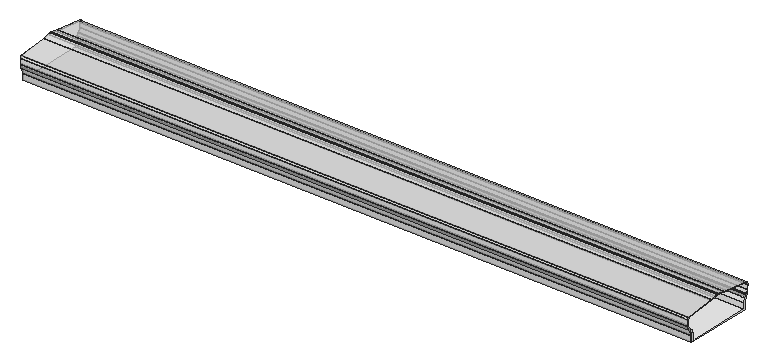
Revit family "0042940_surface_mounted", category Lighting Fixtures, host Face, Revit 2018
Family settings
  Host = Face
  Round Connector Dimension = Use Diameter
  Part Type = Normal
  OmniClass Number = 23.80.70.11.17
  OmniClass Title = Specialized Lighting by Location or Use
  Cut with Voids When Loaded = No
  Light Source = Yes
  Shared = No
  Room Calculation Point = No
Parameters (values of type "DELTAWING LED72 DALI MW 4K 1200")
  Width = 160.0 mm
  Weight = 3.50 kg
  Wattage = 70.5677 W
  built-in parameter 1150110 = 1 (stored number, unit not read)
  Voltage Comments = "UNV (Universal Voltage; 220-240 Volt)"  # constant formula
  Voltage = 230 V  # constant formula
  URL = "http://www.sylvania-lighting.com"
  built-in parameter 1114217 = 1 (stored number, unit not read)
  Tilt Angle = -90.00°
  built-in parameter 1150109 = 1 (stored number, unit not read)
  built-in parameter 1150134 = 12
  Ta Rating = "-10°C  to +25°C"  # constant formula
  built-in parameter 1150113 = 1 (stored number, unit not read)
  Product Page URL = "http://www.sylvania-lighting.com/product/en-int/products/0044899"
  Product Family = "DELTAWING LED - ELECTRONIC"  # constant formula
  Photometry Comments = ""
  Photometric Web File = "0044899_DELTAWINGLED72DALIMW4K1200-198242.ies"
  Life = "50 000h"  # constant formula
  Length = 1440.0 mm
  LOR = "100%"
  Inrush Current (max. quantity per 16A C breaker) = "20"  # constant formula
  IP Rating = "IP44"  # constant formula
  IK Rating = "IK08"  # constant formula
  Height = 60.0 mm
  Glow Wire Test = 850 °C  # constant formula
  Glare Control = "UGR<23"  # constant formula
  Emit from Line Length = Length - 2.0 mm * 29  # 1382.0 mm
  Electrical Protection = "Class I"  # constant formula
  Drive Current = "250mA"  # constant formula
  built-in parameter 1114216 [instance] = 1 (stored number, unit not read)
  Cap Material = Plastic_Sylvania_DeltaWing_White
  Model = "DELTAWING LED72 DALI MW 4K 1200"
  Manufacturer = "Feilo Sylvania"
  built-in parameter 1150105 = 2317.4 (stored number, unit not read)
  Lumens = 7260 lm
  built-in parameter 1150115 = 1 (stored number, unit not read)
  built-in parameter 1150137 = (empty or 0)
  built-in parameter 1150139 = (empty or 0)
  built-in parameter 1150112 = 1 (stored number, unit not read)
  built-in parameter 1150114 = 1 (stored number, unit not read)
  Lamp = "\tIntegrated LED"  # constant formula
  built-in parameter 1150132 = 2
  built-in parameter 1150102 = (empty or 0)
  built-in parameter 1150107 = 4000 (stored number, unit not read)
  built-in parameter 1150138 = (empty or 0)
  built-in parameter 1150106 = 23.174 (stored number, unit not read)
  CRI (Ra) = "> 80"  # constant formula
  Body Material = Steel_Sylvania_DeltaWing_White
  built-in parameter 1150104 = 9.5579 (stored number, unit not read)
  Dimming Lamp Color Temperature Shift = <None>
  Diffuser Material = Polycarbonate_Sylvania_DeltaWing_Opal_4000K
  Description = "Low profile surface and suspended LED diffuser luminaire DeltaWing LED is perfect to fulfil a wide range of applications, including educational environments, medical buildings, storage facilities and circulation areas including stairwells High performance: delivers up to 7,260lm (luminaire lumen output on 4,000K version), and up to 102lm/W (total system efficiency) Available in neutral white (4,000K) and warm white (3,000K) Smooth Polycarbonate extruded diffuser provides high efficiency, while minimising glare Precision prisms designed to optimise light output and reduce glare Options of non-dimmable, DALI, 3 hour maintained Emergency and Integrated Microwave sensor as standard Integrated Microwave sensor mounted discretely behind the diffuser helps further reduce energy and maintenance bills Suitable for suspended mounting using wire suspension kit (to be ordered seperately) BESA box connection possibility standard on product Long lifetime: 50,000 hours life at 70% of the original output L70 Energy class: A++, A+, A"  # constant formula
  Default Elevation = 0.0 mm
  Color Filter = 16777215
  Catalog Number = "0044899 DELTAWING LED72 DALI MW 4K 1200"
  built-in parameter 1140040 [instance] = 1
  built-in parameter 1114218 = 1 (stored number, unit not read)
  built-in parameter 1150133 = 10 (stored number, unit not read)
  Assembly Code = "D5020200"
  Apparent Load = 71 VA
Reference planes
  plane 1 "Center (Front/Back)": y = 0
  plane 2 "Fixture Top": z = 0
  plane 3 "Center (Left/Right)": x = 0
  plane 4 "Fixture Left": x = -720
  plane 5 "Fixture Right": x = 720
  plane 6 "Fixture Back": y = 80
  plane 7 "Fixture Front": y = -80
  plane 8 "Cap left": x = -691
  plane 9 "Cap Right": x = 691
  plane 10 "Lamp Plane": z = 22
  plane 11 "Fixture Bottom": z = 60
  plane 12: y = 20
  plane 13: y = -20
Forms (mm)
  Extrusion 1, solid, material "Steel_Sylvania_DeltaWing_White" <- "Body Material", detail levels fine
    sketch origin (0, 0, 0) x (0, 1, 0) y (0, 0, 1)
      loop
        line (-68.5, 0) -> (68.5, 0) -> (68.5, 13.239) -> (70.848, 22) -> (68.777, 22) -> (66.5, 13.502) -> (66.5, 2) -> (-66.5, 2) -> (-66.5, 13.502) -> (-68.777, 22) -> (-70.848, 22) -> (-68.5, 13.239) -> (-68.5, 0)
    from -691 to 691
  Extrusion 2, solid, material "Polycarbonate_Sylvania_DeltaWing_Opal_4000K" <- "Diffuser Material", detail levels fine
    sketch origin (0, 0, 0) x (0, 1, 0) y (0, 0, 1)
      loop
        line (76, 33.502) -> (74.018, 26.104) -> (72.041, 26.455) -> (68.5, 13.239) -> (68.5, 0) -> (70.5, 0) -> (70.5, 12.975) -> (73.498, 24.165) -> (75.475, 23.815) -> (78, 33.238) -> (78, 44.42)
        arc (78, 44.42) -> (77.319, 46.653) -> (75.506, 48.125) r 4
        line (75.506, 48.125) -> (16.971, 55.055)
        arc (16.971, 55.055) -> (9.581, 57.257) -> (1.906, 58) r 40
        line (1.906, 58) -> (-1.906, 58)
        arc (-1.906, 58) -> (-9.581, 57.257) -> (-16.971, 55.055) r 40
        line (-16.971, 55.055) -> (-75.506, 48.125)
        arc (-75.506, 48.125) -> (-77.319, 46.653) -> (-78, 44.42) r 4
        line (-78, 44.42) -> (-78, 33.238) -> (-75.475, 23.815) -> (-73.498, 24.165) -> (-70.5, 12.975) -> (-70.5, 0) -> (-68.5, 0) -> (-68.5, 13.239) -> (-72.041, 26.455) -> (-74.018, 26.104) -> (-76, 33.502) -> (-76, 43.074)
        arc (-76, 43.074) -> (-75.319, 45.307) -> (-73.506, 46.779) r 4
        line (-73.506, 46.779) -> (-15.978, 53.299)
        arc (-15.978, 53.299) -> (-9.922, 55.17) -> (-3.638, 56) r 37.685
        line (-3.638, 56) -> (3.638, 56)
        arc (3.638, 56) -> (9.922, 55.17) -> (15.978, 53.299) r 37.685
        line (15.978, 53.299) -> (73.506, 46.779)
        arc (73.506, 46.779) -> (75.319, 45.307) -> (76, 43.074) r 4
        line (76, 43.074) -> (76, 33.502)
    from -691 to 691
  Extrusion 3, solid, material "Steel_Sylvania_DeltaWing_White" <- "Body Material", detail levels coarse+medium
    sketch origin (0, 0, 0) x (0, 1, 0) y (0, 0, 1)
      loop
        line (-16.971, 55.055) -> (-75.506, 48.125)
        arc (-75.506, 48.125) -> (-77.319, 46.653) -> (-78, 44.42) r 4
        line (-78, 44.42) -> (-78, 33.238) -> (-75.475, 23.815) -> (-73.498, 24.165) -> (-70.5, 12.975) -> (-70.5, 0) -> (70.5, 0) -> (70.5, 12.975) -> (73.498, 24.165) -> (75.475, 23.815) -> (78, 33.238) -> (78, 44.42)
        arc (78, 44.42) -> (77.319, 46.653) -> (75.506, 48.125) r 4
        line (75.506, 48.125) -> (16.971, 55.055)
        arc (16.971, 55.055) -> (10.263, 60.39) -> (1.906, 62.294) r 19.294
        line (1.906, 62.294) -> (-1.906, 62.294)
        arc (-1.906, 62.294) -> (-10.263, 60.39) -> (-16.971, 55.055) r 19.294
    from -691 to 691
Dimensions and locks
  equal spacing: plane 4 "Fixture Left", plane 3 "Center (Left/Right)", plane 5 "Fixture Right"
  "Length": plane 4 "Fixture Left" to plane 5 "Fixture Right"
  locked: plane 4 "Fixture Left" to plane 8 "Cap left" at 29
  locked: plane 9 "Cap Right" to plane 5 "Fixture Right" at 29
  "Height": plane 11 "Fixture Bottom" to plane 2 "Fixture Top"
  equal spacing: plane 6 "Fixture Back", plane 1 "Center (Front/Back)", plane 7 "Fixture Front"
  "Width": plane 6 "Fixture Back" to plane 7 "Fixture Front"
  equal spacing: plane 12, plane 1 "Center (Front/Back)", plane 13
  locked: Extrusion 1 sketch curve to Extrusion 1 sketch curve at 2
  locked: plane 10 "Lamp Plane" to Extrusion 1 sketch curve at 8.498  (x2)
  aligned and locked: level to host face
  aligned and locked: plane 2 "Fixture Top" to Extrusion 1 sketch curve
  aligned and locked: Extrusion 1 to plane 8 "Cap left"
  aligned and locked: plane 9 "Cap Right" to Extrusion 1
  aligned and locked: Extrusion 2 to plane 8 "Cap left"
  aligned and locked: plane 9 "Cap Right" to Extrusion 2
  aligned and locked: Extrusion 3 sketch curve to Extrusion 2  (x2)
  aligned and locked: Extrusion 3 to plane 8 "Cap left"
  aligned and locked: plane 9 "Cap Right" to Extrusion 3
  aligned and locked: plane 10 "Lamp Plane" to Extrusion 1 sketch curve  (x2)
  aligned and locked: Extrusion 3 sketch curve to plane 2 "Fixture Top"
  aligned and locked: plane 2 "Fixture Top" to Extrusion 2 sketch curve
  aligned and locked: Extrusion 2 sketch curve to plane 2 "Fixture Top"
  aligned and locked: imposter light to plane 1 "Center (Front/Back)"
  aligned and locked: plane 3 "Center (Left/Right)" to imposter light
  aligned and locked: plane 11 "Fixture Bottom" to imposter light
Automatic sketch dimensions
  host sketch curve to host sketch curve = 1713.741 mm
  host sketch curve to host sketch curve = 1283.632 mm
  plane 7 "Fixture Front" to Extrusion 2 sketch curve = 2.0 mm
  Extrusion 2 sketch curve to plane 10 "Lamp Plane" = 9.025 mm  (x2)
  Extrusion 2 sketch curve to Extrusion 2 sketch curve = 2.0 mm  (x8)
  Extrusion 2 sketch curve to Extrusion 2 sketch curve = 2.494 mm
  plane 10 "Lamp Plane" to Extrusion 2 sketch curve = 1.815 mm  (x2)
  plane 7 "Fixture Front" to Extrusion 2 sketch curve = 4.525 mm
  Extrusion 2 sketch curve to Extrusion 2 sketch curve = 1.457 mm  (x2)
  plane 10 "Lamp Plane" to Extrusion 2 sketch curve = 2.165 mm  (x2)
  Extrusion 2 sketch curve to Extrusion 2 sketch curve = 0.52 mm
  Extrusion 2 sketch curve to Extrusion 2 sketch curve = 1.977 mm  (x3)
  plane 7 "Fixture Front" to Extrusion 2 sketch curve = 9.5 mm
  plane 13 to Extrusion 2 sketch curve = 3.029 mm
  Extrusion 2 sketch curve to Extrusion 2 sketch curve = 0.993 mm  (x2)
  plane 1 "Center (Front/Back)" to Extrusion 2 sketch curve = 3.638 mm
  plane 1 "Center (Front/Back)" to Extrusion 2 sketch curve = 1.906 mm
  Extrusion 2 sketch curve to plane 1 "Center (Front/Back)" = 1.906 mm
  Extrusion 2 sketch curve to Extrusion 2 sketch curve = 1.732 mm
  plane 12 to Extrusion 2 sketch curve = 4.022 mm
  Extrusion 2 sketch curve to plane 6 "Fixture Back" = 11.5 mm
  Extrusion 2 sketch curve to plane 6 "Fixture Back" = 7.959 mm
  Extrusion 2 sketch curve to plane 6 "Fixture Back" = 6.494 mm
  Extrusion 2 sketch curve to plane 6 "Fixture Back" = 4.0 mm
  Extrusion 2 sketch curve to plane 6 "Fixture Back" = 2.0 mm
  Extrusion 2 sketch curve to Extrusion 2 sketch curve = 0.041 mm  (x2)
  Extrusion 2 sketch curve to Extrusion 2 sketch curve = 1.506 mm
  Extrusion 2 sketch curve to Extrusion 2 sketch curve = 0.494 mm
  Extrusion 2 sketch curve to Extrusion 2 sketch curve = 0.263 mm  (x4)
  Extrusion 2 sketch curve to Extrusion 2 sketch curve = 1.939 mm  (x2)
  Extrusion 2 sketch curve to Extrusion 2 sketch curve = 0.351 mm  (x2)
  Extrusion 2 sketch curve to Extrusion 2 sketch curve = 7.134 mm  (x2)
  Extrusion 2 sketch curve to Extrusion 2 sketch curve = 9.572 mm  (x2)
  Extrusion 2 sketch curve to Extrusion 2 sketch curve = 1.346 mm  (x2)
  Extrusion 2 sketch curve to plane 11 "Fixture Bottom" = 6.701 mm
  Extrusion 2 sketch curve to Extrusion 2 sketch curve = 0.0 mm
  Extrusion 2 sketch curve to Extrusion 2 sketch curve = 1.755 mm  (x2)
  Extrusion 2 sketch curve to Extrusion 2 sketch curve = 2.701 mm
  Extrusion 1 sketch curve to Extrusion 1 sketch curve = 2.0 mm  (x2)
  Extrusion 1 sketch curve to Extrusion 1 sketch curve = 0.263 mm  (x2)
  Extrusion 1 sketch curve to Extrusion 1 sketch curve = 2.071 mm  (x2)
  plane 7 "Fixture Front" to Extrusion 1 sketch curve = 9.152 mm
  plane 13 to Extrusion 3 sketch curve = 3.029 mm
  Extrusion 3 sketch curve to Extrusion 3 sketch curve = 1.506 mm  (x2)
  Extrusion 3 sketch curve to Extrusion 3 sketch curve = 11.181 mm  (x2)
  plane 10 "Lamp Plane" to Extrusion 3 sketch curve = 1.815 mm  (x2)
  plane 7 "Fixture Front" to Extrusion 3 sketch curve = 4.525 mm
  plane 10 "Lamp Plane" to Extrusion 3 sketch curve = 2.165 mm  (x2)
  Extrusion 3 sketch curve to Extrusion 3 sketch curve = 1.977 mm  (x2)
  plane 7 "Fixture Front" to Extrusion 3 sketch curve = 9.5 mm
  Extrusion 3 sketch curve to plane 10 "Lamp Plane" = 9.025 mm  (x2)
  plane 1 "Center (Front/Back)" to Extrusion 3 sketch curve = 1.906 mm
  plane 10 "Lamp Plane" to Extrusion 3 sketch curve = 21.0 mm
  plane 12 to Extrusion 3 sketch curve = 3.029 mm
  Extrusion 3 sketch curve to plane 1 "Center (Front/Back)" = 1.906 mm
  Extrusion 3 sketch curve to plane 6 "Fixture Back" = 4.494 mm
  Extrusion 3 sketch curve to Extrusion 3 sketch curve = 0.0 mm
  plane 10 "Lamp Plane" to Extrusion 3 sketch curve = 26.125 mm
  Extrusion 3 sketch curve to plane 6 "Fixture Back" = 2.0 mm
  Extrusion 3 sketch curve to plane 6 "Fixture Back" = 4.525 mm
  Extrusion 3 sketch curve to plane 6 "Fixture Back" = 9.5 mm
  Extrusion 1 sketch curve to plane 6 "Fixture Back" = 11.223 mm
  plane 7 "Fixture Front" to Extrusion 1 sketch curve = 11.5 mm
  Extrusion 1 sketch curve to plane 6 "Fixture Back" = 13.5 mm
Connectors
  electrical at (0, 0, 0), driven by "Voltage", driven by "Apparent Load"
    settings: on Extrusion 1, index 1, voltage 230 V, apparent load 0 VA, apparent load phase1 71 VA, apparent load phase2 0 VA, apparent load phase3 0 VA, power factor 1, load classification "Lighting", number of poles 1, system type 31, power factor state 1, is connector primary yes, connector utility no, sub classification motor no, connector description ""
